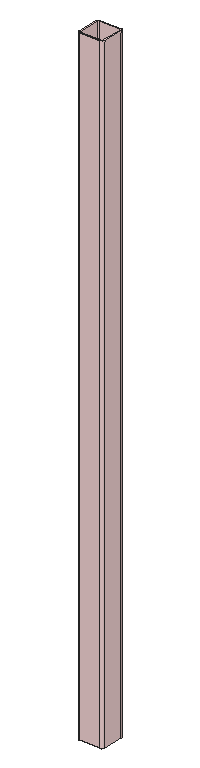
Revit family "Pilar_Aco_Retang", category Structural Columns, Revit 2025
Family settings
  Section Shape = Not Defined
  Material for Model Behavior = Steel
  Always export as geometry = No
  Beam cutback in plan = From bounding box
  OmniClass Number = 23.25.30.11.14.11
  OmniClass Title = Columns
  Cut with Voids When Loaded = No
  Symbolic Representation = From Project Settings
  Shared = No
  Show family pre-cut in plan views = Yes
Parameters (values of type "PIL_010x010_MZN_MET_RET")
  W = 1.51
  Structural Material [instance] = CT_Estrutura_Metalica
  Assembly Code = ""
  Ht = 100 mm
  Shape = "Rect."
  b = 100 mm
  kr = 2 * t  # 10 mm
  t = 5 mm
  A = 0.0183 m²
Reference planes
  plane 1 "Center (Front/Back)": y = 0
  plane 2: z = 0
  plane 3 "Center (Left/Right)": x = 0
  plane 4: x = -50
  plane 5: x = 50
  plane 6: y = 50
  plane 7: y = -50
  plane 8: x = -40
  plane 9: y = -40
  plane 10: y = 40
  plane 11: x = 40
Forms (mm)
  Extrusion 1, solid, material "CT_Estrutura_Metalica" <- "Structural Material", detail levels medium
    sketch origin (0, 0, 0) x (1, 0, 0) y (0, 1, 0)
      loop
        line (-50, 50) -> (-50, -50) -> (50, -50) -> (50, 50) -> (-50, 50)
      loop
        line (-45, 45) -> (-45, -45) -> (45, -45) -> (45, 45) -> (-45, 45)
    from 0 to 2500
  Extrusion 2, solid, material "CT_Estrutura_Metalica" <- "Structural Material", detail levels fine
    sketch origin (0, 0, 0) x (1, 0, 0) y (0, 1, 0)
      loop
        arc (-40, 50) -> (-47.071, 47.071) -> (-50, 40) r 10
        line (-50, 40) -> (-50, -40)
        arc (-50, -40) -> (-47.071, -47.071) -> (-40, -50) r 10
        line (-40, -50) -> (40, -50)
        arc (40, -50) -> (47.071, -47.071) -> (50, -40) r 10
        line (50, -40) -> (50, 40)
        arc (50, 40) -> (47.071, 47.071) -> (40, 50) r 10
        line (40, 50) -> (-40, 50)
      loop
        arc (-40, 45) -> (-43.536, 43.536) -> (-45, 40) r 5
        line (-45, 40) -> (-45, -40)
        arc (-45, -40) -> (-43.536, -43.536) -> (-40, -45) r 5
        line (-40, -45) -> (40, -45)
        arc (40, -45) -> (43.536, -43.536) -> (45, -40) r 5
        line (45, -40) -> (45, 40)
        arc (45, 40) -> (43.536, 43.536) -> (40, 45) r 5
        line (40, 45) -> (-40, 45)
    from 0 to 2500
Lines and regions (mm)
  symbolic lines, style "StructuralColumnStickSymbols", detail levels coarse
    curve 1: line (-50, 50, 0) -> (50, 50, 0)
    curve 2: line (-50, -50, 0) -> (50, -50, 0)
    curve 5: line (-50, 50, 0) -> (-50, -50, 0)
    curve 6: line (50, 50, 0) -> (50, -50, 0)
  symbolic lines, style "Hidden Faces", detail levels medium+fine
    curve 3: line (-45, 0, 0) -> (-45, 0, 2500)
    curve 4: line (45, 0, 2500) -> (45, 0, 0)
    curve 7: line (0, 45, 0) -> (0, 45, 2500)
    curve 8: line (0, -45, 0) -> (0, -45, 2500)
Dimensions and locks
  equal spacing: plane 4, plane 3 "Center (Left/Right)", plane 5
  equal spacing: plane 7, plane 1 "Center (Front/Back)", plane 6
  "Ht": plane 7 to plane 6
  "b": plane 4 to plane 5
  "t": Extrusion 1 sketch curve to plane 5
  "t": plane 4 to Extrusion 1 sketch curve
  "t": Extrusion 1 sketch curve to plane 6
  "t": Extrusion 1 sketch curve to plane 7
  "t": Extrusion 2 sketch curve to plane 6
  "t": Extrusion 2 sketch curve to plane 5
  "t": plane 4 to Extrusion 2 sketch curve
  "t": Extrusion 2 sketch curve to plane 7
  "kr": plane 10 to plane 6
  "kr": plane 7 to plane 9
  "kr": plane 11 to plane 5
  "kr": plane 4 to plane 8
  aligned and locked: plane 6 to Extrusion 1 sketch curve
  aligned and locked: Extrusion 1 sketch curve to plane 7
  aligned and locked: Extrusion 1 sketch curve to plane 4
  aligned and locked: plane 5 to Extrusion 1 sketch curve
  aligned and locked: level to Extrusion 1
  aligned and locked: level to plane 2
  aligned and locked: Extrusion 1 to plane 2
  aligned and locked: curve 1 to Extrusion 2 sketch curve
  aligned and locked: Extrusion 2 sketch curve to Extrusion 1
  aligned and locked: level to Extrusion 2
  aligned and locked: curve 4 to Extrusion 2
  aligned and locked: curve 3 to Extrusion 2
  aligned and locked: Extrusion 2 to curve 7  (x2)
  aligned and locked: Extrusion 2 to curve 8  (x2)
  aligned and locked: curve 7 to Extrusion 1
  aligned and locked: curve 8 to Extrusion 1
Automatic sketch dimensions
  Extrusion 2 sketch curve to plane 8 = 0 mm  (x4)
  Extrusion 2 sketch curve to plane 7 = 0 mm
  Extrusion 2 sketch curve to plane 11 = 0 mm
  Extrusion 2 sketch curve to plane 10 = 0 mm  (x2)
  Extrusion 2 sketch curve to plane 9 = 0 mm  (x2)
  curve 3 to level = 0 mm  (x2)
  curve 4 to level = 0 mm  (x2)
  curve 5 to plane 4 = 0 mm
  curve 2 to plane 5 = 0 mm
  curve 5 to plane 7 = 0 mm
  curve 5 to plane 6 = 0 mm
